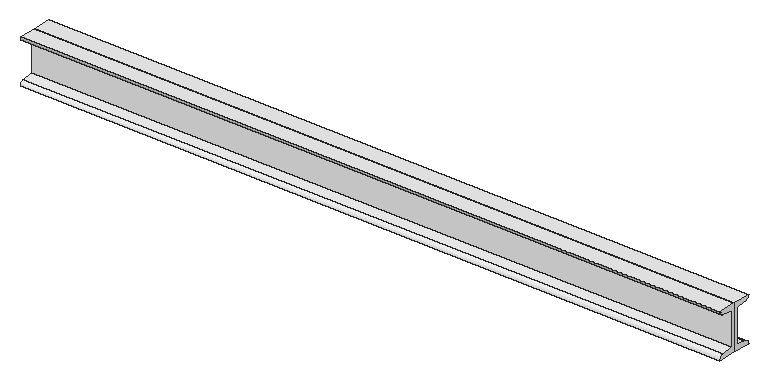
Revit family
Parameters (values of type "2C 75x40x5/7")
  시작 확장 계산 [instance] = 3012.5 mm + 시작 확장  # 3000 mm
  시작 확장 [instance] = -12.5 mm
  끝 확장 계산 [instance] = 3012.5 mm + 끝 확장  # 3000 mm
  끝 확장 [instance] = -12.5 mm
  보 재료 [instance] = 금속 - 스틸 - 345 MPa
  A = 1763.60 mm²
  Assembly Code = "B10"
  Length [instance] = 1500 mm
  공간 = 0 mm
  W = 0.136
  bf = 30 mm
  d = 75 mm
  tf = 7 mm
  tw = 5 mm
Types (17, lengths in mm): name | 보 재료 | A | 공간 | W | bf | d | tf | tw
  2C 75x40x5/7 | 금속 - 스틸 - 345 MPa | 1763.60 mm² | 0 | 0.136 | 30 | 75 | 7 | 5
  2C 380x100x13/20 | none | 16722.55 mm² | 8.037 | 1.32 | 100.013 | 380.008 | 20.042 | 12.998
  2C 380x100x13/16.5 | none | 15793.52 mm² | 0 | 1.216 | 100.013 | 380.008 | 16.47 | 12.998
  2C 380x100x10.5/16 | none | 13935.46 mm² | 14.982 | 1.068 | 100.013 | 380.008 | 15.974 | 10.517
  2C 300x90x12/16 | none | 12077.40 mm² | 12.005 | 0.952 | 89.991 | 300.038 | 15.974 | 12.005
  2C 300x90x10/15.5 | none | 11148.36 mm² | 10.021 | 0.858 | 89.991 | 300.038 | 15.478 | 10.021
  2C 300x90x9/13 | none | 9290.30 mm² | 8.037 | 0.748 | 89.991 | 300.038 | 12.998 | 9.029
  2C 250x90x11/14.5 | none | 10219.33 mm² | 0 | 0.788 | 89.991 | 250.031 | 14.486 | 11.013
  2C 250x90x9/13 | none | 8361.27 mm² | 14.982 | 0.678 | 89.991 | 250.031 | 12.998 | 9.029
  2C 200x90x8/13.5 | none | 7432.24 mm² | 12.005 | 0.596 | 89.991 | 200.025 | 13.494 | 8.037
  2C 200x80x7.5/11 | none | 6503.21 mm² | 10.021 | 0.482 | 79.97 | 200.025 | 11.013 | 7.541
  2C 200x70x7/10 | none | 5574.18 mm² | 8.037 | 0.414 | 70.048 | 200.025 | 10.021 | 7.045
  2C 180x75x7/10.5 | none | 5574.18 mm² | 0 | 0.418 | 75.009 | 179.983 | 10.517 | 7.045
  2C 150x75x9/12.5 | none | 6503.21 mm² | 14.982 | 0.47 | 75.009 | 150.019 | 12.502 | 9.029
  2C 150x75x6.5/10 | none | 4645.15 mm² | 12.005 | 0.366 | 75.009 | 150.019 | 10.021 | 6.548
  2C 125x65x6/8 | none | 3716.12 mm² | 10.021 | 0.264 | 64.988 | 125.016 | 8.037 | 5.953
  2C 100x50x5/7.5 | none | 2787.09 mm² | 8.037 | 0.184 | 50.006 | 100.013 | 7.541 | 4.961
Reference planes
  plane 1 "중심(앞/뒤)": y = 0
  plane 2: z = 0
  plane 3 "중심(왼쪽/오른쪽)": x = -109.69
  plane 4 "왼쪽 부재": x = -706.59
  plane 5 "오른쪽 부재": x = 487.21
  plane 6: y = 30
  plane 7: y = -30
  plane 8: z = -37.5
  plane 9: y = 0
  plane 10: y = 0
  plane 11 "왼쪽": x = -871.69
  plane 12 "오른쪽": x = 628.31
  plane 13: x = -706.59
  plane 14: x = 487.21
  plane 15: x = 2293.41
  plane 16: x = -2512.79
  plane 17: z = 37.5
Forms (mm)
  Sweep 1, solid, material "금속 - 스틸 - 345 MPa" <- "보 재료", detail levels fine
    path origin (0, 0, 0) x (1, 0, 0) y (0, 1, 0)
      loop
        line (487.21, 0) -> (-706.59, 0)
    profile "M_이중 C-채널-프로파일-섬세 : M_이중 C-채널-프로파일-섬세" origin (-109.69, 0, 0) x (0, -1, 0) y (0, 0, 1)
      loop
        line (0, -37.5) -> (30, -37.5)
        arc (30, -37.5) -> (27.95, -32.55) -> (23, -30.5) r 7
        line (23, -30.5) -> (5, -27.649) -> (5, 27.649) -> (23, 30.5)
        arc (23, 30.5) -> (27.95, 32.55) -> (30, 37.5) r 7
        line (30, 37.5) -> (0, 37.5) -> (0, -37.5)
  Sweep 2, solid, material "금속 - 스틸 - 345 MPa" <- "보 재료", detail levels medium
    path origin (0, 0, 0) x (1, 0, 0) y (0, 1, 0)
      loop
        line (487.21, 0) -> (-706.59, 0)
    profile "M_이중 C-채널-프로파일-중간 : M_이중 C-채널-프로파일-중간" origin (-109.69, 0, 0) x (0, -1, 0) y (0, 0, 1)
      loop
        line (0, -37.5) -> (0, 37.5) -> (-30, 37.5) -> (-30, 30.5) -> (-5, 26.54) -> (-5, -26.54) -> (-30, -30.5) -> (-30, -37.5) -> (0, -37.5)
  Sweep 3, solid, material "금속 - 스틸 - 345 MPa" <- "보 재료", detail levels fine
    path origin (0, 0, 0) x (1, 0, 0) y (0, -1, 0)
      loop
        line (487.21, 0) -> (-706.59, 0)
    profile "M_이중 C-채널-프로파일-섬세 : M_이중 C-채널-프로파일-섬세" origin (-109.69, 0, 0) x (0, -1, 0) y (0, 0, 1)
      loop
        line (0, -37.5) -> (0, 37.5) -> (-30, 37.5)
        arc (-30, 37.5) -> (-27.95, 32.55) -> (-23, 30.5) r 7
        line (-23, 30.5) -> (-5, 27.649) -> (-5, -27.649) -> (-23, -30.5)
        arc (-23, -30.5) -> (-27.95, -32.55) -> (-30, -37.5) r 7
        line (-30, -37.5) -> (0, -37.5)
  Sweep 4, solid, material "금속 - 스틸 - 345 MPa" <- "보 재료", detail levels medium
    path origin (0, 0, 0) x (1, 0, 0) y (0, -1, 0)
      loop
        line (487.21, 0) -> (-706.59, 0)
    profile "M_이중 C-채널-프로파일-중간 : M_이중 C-채널-프로파일-중간" origin (-109.69, 0, 0) x (0, -1, 0) y (0, 0, 1)
      loop
        line (0, -37.5) -> (30, -37.5) -> (30, -30.5) -> (5, -26.54) -> (5, 26.54) -> (30, 30.5) -> (30, 37.5) -> (0, 37.5) -> (0, -37.5)
Lines and regions (mm)
  symbolic lines, style "숨겨진 면", detail levels medium+fine
    curve 1: line (-706.59, 5, 0) -> (487.21, 5, 0)
    curve 2: line (-706.59, -5, 0) -> (487.21, -5, 0)
    curve 3: line (-706.59, 5, 0) -> (487.21, 5, 0)
    curve 4: line (-706.59, -5, 0) -> (487.21, -5, 0)
  symbolic lines, style "기호 부착", detail levels coarse
    curve 5: line (-871.69, 30, 37.5) -> (-871.69, 0, 37.5)
    curve 6: line (-871.69, 0, 37.5) -> (-871.69, 0, -37.5)
    curve 7: line (-871.69, 0, -37.5) -> (-871.69, 30, -37.5)
    curve 8: line (-871.69, -30, 37.5) -> (-871.69, 0, 37.5)
    curve 9: line (-871.69, 0, 37.5) -> (-871.69, 0, -37.5)
    curve 10: line (-871.69, 0, -37.5) -> (-871.69, -30, -37.5)
Dimensions and locks
  equal spacing: plane 9, plane 1 "중심(앞/뒤)", plane 10
  "bf": plane 10 to plane 7
  "bf": plane 6 to plane 9
  "공간": plane 9 to plane 10
  "Length": plane 11 "왼쪽" to plane 12 "오른쪽"
  plane 4 "왼쪽 부재" to plane 15 = 3000 mm
  plane 16 to plane 5 "오른쪽 부재" = 3000 mm
  "끝 확장 계산": plane 16 to plane 14
  "시작 확장 계산": plane 13 to plane 15
  equal spacing: plane 17, level, plane 8
  "d": plane 17 to plane 8
  aligned and locked: Sweep 1 sketch curve to plane 1 "중심(앞/뒤)"
  aligned and locked: Sweep 2 sketch curve to plane 1 "중심(앞/뒤)"
  aligned and locked: plane 13 to Sweep 2 sketch curve
  aligned and locked: plane 14 to Sweep 2 sketch curve
  aligned and locked: plane 13 to Sweep 1 sketch curve
  aligned and locked: plane 14 to Sweep 1 sketch curve
  aligned and locked: plane 13 to curve 1
  aligned and locked: plane 13 to curve 2
  aligned and locked: plane 14 to curve 1
  aligned and locked: plane 14 to curve 2
  aligned and locked: plane 2 to level
  aligned and locked: plane 17 to Sweep 2
  aligned and locked: plane 8 to Sweep 2
  aligned and locked: plane 6 to Sweep 2  (x4)
  aligned and locked: Sweep 2 to plane 9
  aligned and locked: plane 13 to Sweep 1
  aligned and locked: plane 13 to Sweep 2  (x2)
  aligned and locked: plane 14 to Sweep 1  (x2)
  aligned and locked: plane 14 to Sweep 2  (x3)
  aligned and locked: Sweep 2 to plane 13
  aligned and locked: plane 13 to Sweep 4  (x2)
  aligned and locked: plane 14 to Sweep 4  (x2)
  aligned and locked: Sweep 1 to plane 13
  aligned and locked: plane 13 to Sweep 3
  aligned and locked: plane 14 to Sweep 3
  aligned and locked: curve 1 to Sweep 3
  aligned and locked: curve 2 to Sweep 1
  aligned and locked: plane 13 to curve 3
  aligned and locked: plane 14 to curve 3
  aligned and locked: curve 3 to Sweep 3
  aligned and locked: plane 14 to curve 4
  aligned and locked: plane 13 to curve 4
  aligned and locked: curve 4 to Sweep 1
  aligned and locked: curve 5 to plane 17
  aligned and locked: plane 6 to curve 5
  aligned and locked: plane 9 to curve 6
  aligned and locked: plane 6 to curve 7
  aligned and locked: curve 7 to plane 8
  aligned and locked: plane 17 to curve 8
  aligned and locked: plane 7 to curve 8
  aligned and locked: plane 10 to curve 9
  aligned and locked: plane 8 to curve 10
  aligned and locked: plane 7 to curve 10
Automatic sketch dimensions
  Sweep 3 sketch curve to plane 1 "중심(앞/뒤)" = 0 mm
  Sweep 3 sketch curve to plane 13 = 0 mm
  Sweep 3 sketch curve to plane 14 = 0 mm
  Sweep 4 sketch curve to plane 1 "중심(앞/뒤)" = 0 mm
  Sweep 4 sketch curve to plane 13 = 0 mm
  Sweep 4 sketch curve to plane 14 = 0 mm
